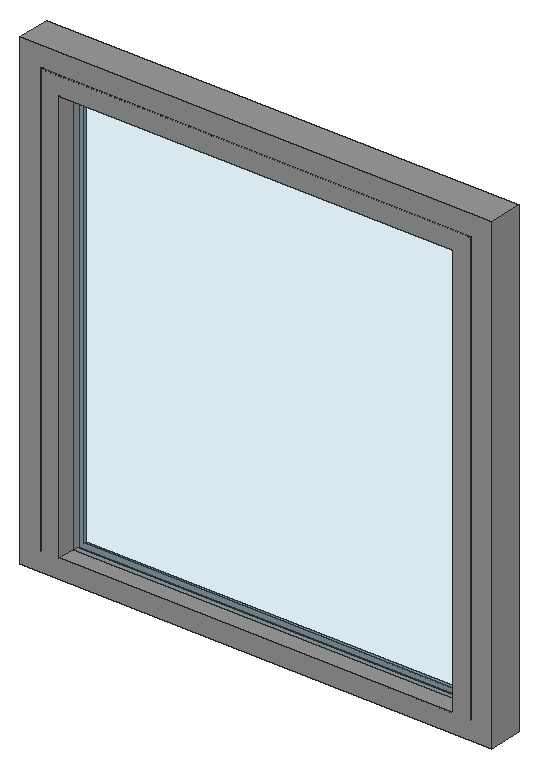
Revit family "Kawneer_Window_GT70s_Pos006", category Windows, host Wall, Revit 2020
Family settings
  Host = Wall
  OmniClass Number = 23.30.20.00
  OmniClass Title = Windows
  Always vertical = Yes
  Cut with Voids When Loaded = No
  Shared = No
  Room Calculation Point = No
Parameters (values of type "1000mm(w)x1000mm(h)")
  _ObjectUserGuide = "www.bimstore.co.uk"
  _DistributedBy = "www.bimstore.co.uk"
  _CurrentRevision = 1
  _CreatedBy = "https://www.bimstore.co/"
  _BimSpecGuid = 0
  _BSBibleVersion = 16
  _AuthorizedBy = "bimstore"
  _Author = "BS"
  WarrantyStartDate [instance] = "Please record on commissioning."
  WarrantyGuarantorParts = "kuk.kawneer@arconic.com"
  WarrantyGuarantorLabor = "kuk.kawneer@arconic.com"
  WarrantyDurationUnit = "Years"
  WarrantyDurationParts = "n/a"
  WarrantyDurationLabor = "n/a"
  WarrantyDescription = "Kawneer Lifetime Guarantee"
  WallThickness [instance] = 300 mm
  URL = "https://www.kawneer.com"
  TypeName = Model  # "GT70s - Pos 006"
  Type Comments = "1000mm(w)x1000mm(h)"
  TopPanel = 600 mm
  SpareParts = "n/a"
  Size = Type Comments  # "1000mm(w)x1000mm(h)"
  Shape = "Rectangle"
  SerialNumber [instance] = "Please record on commissioning."
  Rough Width = Width  # 1000 mm
  Rough Height = Height  # 1000 mm
  ReplacementCost = "n/a"
  ReferencedStandard = "n/a"
  ProductionYear = "2022"
  OffsetOutward [instance] = if(ExternalRevealDepth > 0 mm, 0 mm, 0 mm - ExternalRevealDepth)  # 0 mm
  OffsetInward [instance] = if(OffsetOutward = 0 mm, ExternalRevealDepth, 0 mm)  # 30 mm
  NominalLength = Width  # 1000 mm
  NominalHeight = Height  # 1000 mm
  NominalDepth = FrameDepth  # 72 mm
  NBSReference = "45-25-99/310"
  NBSOfficeMasterTag = "n/a"
  NBSObjectName = "Kawneer - Aluminium window units"
  NBSNote = "n/a"
  NBSDescription = "Aluminium window units"
  ModelReference = Type Comments  # "1000mm(w)x1000mm(h)"
  ModelNumber = Model  # "GT70s - Pos 006"
  Model = "GT70s - Pos 006"
  Material = "Aluminium"
  ManufacturerName = "Kawneer UK Limited"
  Manufacturer = "Kawneer UK Limited"
  Keynote = "L10/330"
  JambTolerance = 0 mm
  IronmongeryMaterial [instance] = Aluminum
  InternalRevealThickness = 5 mm
  InternalRevealDepth [instance] = WallThickness - ExternalRevealDepth - FrameDepth  # 198 mm
  InstallationDate [instance] = "Please record on commissioning."
  IfcExportType = "IfcWindowTypeEnum.WINDOW"
  IfcExportAs = "IfcWindow"
  Height = 1000 mm
  HeadTolerance = 0 mm
  HasCill [instance] = no
  Grade = "n/a"
  GlazingThickness = 28 mm  # constant formula
  GlazingMaterial [instance] = Kawneer Glass
  GlassThickness = 6 mm  # constant formula
  GlassOffset_EXT = 7 mm  # constant formula
  FrameWidth = 83 mm  # constant formula
  FrameMaterial [instance] = Aluminum
  Finish = "PPC"
  Features = "n/a"
  ExternalRevealDepth [instance] = 30 mm
  ExpectedLife = 0
  DurationUnit = "Years"
  DocumentationTechnical = "n/a"
  DocumentationMaintenance = "n/a"
  DocumentationLiterature = "https://www.kawneer.com"
  DocumentationInstallationGuide = "n/a"
  DocumentationCertificates = "n/a"
  Description = "Window"
  FrameDepth = 72 mm  # constant formula
  Default Cill Height = 800 mm
  Wall Closure = By host
  Width = 1000 mm
  CreatedOn = "12-09.2022 T09:00:00"
  CreatedBy = "kuk.kawneer@arconic.com"
  Constituents = "n/a"
  Color = "n/a"
  CodePerformance = "n/a"
  ClassificationValue = "Pr_30_59_98_02"
  ClassificationName = "Uniclass2015"
  CillHeight [instance] = if(HasCill, 30 mm, 0 mm)  # 0 mm
  BottomPanel = 600 mm
  BarCode [instance] = "Please record on commissioning."
  BIMObjectName = "Kawneer_Window_GT70s_Pos006"
  AssetType = "Fixed"
  AssetIdentifier [instance] = "n/a"
  Assembly Code = "B2020100"
  AccessibilityPerformance = "n/a"
Reference planes
  plane 1 "Center (Front/Back)": y = 0
  plane 2 "Center (Left/Right)": x = 0
  plane 3 "Left": x = -500
  plane 4 "Right": x = 500
  plane 5 "Sill": z = 800
  plane 6 "Head": z = 1800
  plane 7 "Exterior": y = 150
  plane 8 "Interior": y = -150
  plane 9 "Front": y = 120
  plane 10 "Frame Rear": y = 48
  plane 11 "Base": z = 800
  plane 12 "Offset Inward": y = 120
  plane 13: x = -495
  plane 14: x = 495
  plane 15 "7": z = 1795
  plane 16 "Int Wrap": y = 48
  plane 17 "CL": z = 1300
  plane 18 "JAMB TOL A": x = -500
  plane 19 "JAMB TOL B": x = 500
  plane 20 "HEAD TOL": z = 1800
  plane 21 "HEAD TOL E": z = 1717
  plane 22 "HEAD TOL F": z = 883
  plane 23 "Handle Int": y = 48
Forms (mm)
  Extrusion 1, void
    sketch origin (0, 0, 0) x (1, 0, 0) y (0, 1, 0)
      loop
        line (-495, 48) -> (-495, -150) -> (495, -150) -> (495, 48) -> (-495, 48)
    from 800 to 1795
  Extrusion 2, void
    sketch origin (0, 0, 0) x (1, 0, 0) y (0, 1, 0)
      loop
        line (-500, 150) -> (-500, 48) -> (500, 48) -> (500, 150) -> (-500, 150)
    from 800 to 1800
Lines and regions (mm)
  Masking region 1
    outline origin (-500, 0, 0) x (0, -1, 0) y (0, 0, 1)
      loop
        line (150, 1800) -> (-48, 1800) -> (-48, 1795) -> (150, 1795) -> (150, 1800)
Text (mm)
  text "EXTERIOR" at (-1963.203, 1332.353, 0), in view "Ref. Level"
  text "INTERIOR" at (-1981.466, -818.386, 0), in view "Ref. Level"
  text "Exterior" at (0, 923.751, 2943.296), in view "Right"
  text "Exterior" at (0, 1040.484, 2685.409), in view "Left"
Dimensions and locks
  equal spacing: plane 3 "Left", plane 2 "Center (Left/Right)", plane 4 "Right"
  "Width": plane 3 "Left" to plane 4 "Right"
  "Height": plane 5 "Sill" to plane 6 "Head"
  "Default Cill Height": plane 5 "Sill" to level
  locked: plane 7 "Exterior" to host wall
  locked: plane 8 "Interior" to host wall
  "FrameDepth": plane 9 "Front" to plane 10 "Frame Rear"
  "OffsetInward": plane 12 "Offset Inward" to plane 7 "Exterior"
  "OffsetOutward": plane 9 "Front" to plane 12 "Offset Inward"
  "InternalRevealThickness": plane 3 "Left" to plane 13
  "InternalRevealThickness": plane 14 to plane 4 "Right"
  "InternalRevealThickness": plane 6 "Head" to plane 15 "7"
  "InternalRevealDepth": plane 8 "Interior" to plane 16 "Int Wrap"
  "WallThickness": host wall to host wall
  equal spacing: plane 5 "Sill", plane 17 "CL", plane 6 "Head"
  "JambTolerance": plane 19 "JAMB TOL B" to plane 4 "Right"
  "JambTolerance": plane 3 "Left" to plane 18 "JAMB TOL A"
  "HeadTolerance": plane 20 "HEAD TOL" to plane 6 "Head"
  "FrameWidth": plane 21 "HEAD TOL E" to plane 20 "HEAD TOL"
  "FrameWidth": plane 11 "Base" to plane 22 "HEAD TOL F"
  "CillHeight": plane 5 "Sill" to plane 11 "Base"
  locked: plane 9 "Front" to plane 23 "Handle Int" at 72
  aligned and locked: Extrusion 1 sketch curve to plane 16 "Int Wrap"
  aligned and locked: Extrusion 1 sketch curve to plane 13
  aligned and locked: Extrusion 1 sketch curve to plane 14
  aligned and locked: Extrusion 1 sketch curve to plane 8 "Interior"
  aligned and locked: Extrusion 1 to plane 15 "7"
  aligned and locked: plane 5 "Sill" to Extrusion 1
  aligned and locked: Extrusion 2 sketch curve to plane 3 "Left"
  aligned and locked: plane 4 "Right" to Extrusion 2 sketch curve
  aligned and locked: plane 16 "Int Wrap" to Extrusion 2 sketch curve
  aligned and locked: Extrusion 2 to plane 6 "Head"
  aligned and locked: plane 5 "Sill" to Extrusion 2
  aligned and locked: plane 7 "Exterior" to Extrusion 2 sketch curve
  aligned and locked: plane 16 "Int Wrap" to Masking region 1 sketch curve
  aligned and locked: plane 15 "7" to Masking region 1 sketch curve
  aligned and locked: Masking region 1 sketch curve to plane 6 "Head"
  aligned and locked: host wall to Masking region 1 sketch curve
  aligned and locked: nested 1 to plane 20 "HEAD TOL"
  aligned and locked: nested 1 to plane 11 "Base"
  aligned and locked: nested 1 to plane 19 "JAMB TOL B"
  aligned and locked: plane 18 "JAMB TOL A" to nested 1
  aligned and locked: plane 9 "Front" to nested 1
Nested families
  nested 1: "Kawneer_GT70s_Pos006" at (500, 120, 1300) x (-1, 0, 0) z (0, 0, 1), FrameMaterial <- "FrameMaterial", GlassMaterial <- "GlazingMaterial", type "Kawneer_GT70s_Pos006"
    with Width 1000 mm, Height 1000 mm, GlassMaterial Kawneer Glass, FrameMaterial Aluminum
Definition of nested family "Kawneer_GT70s_Pos006"
  Parameters (values of type "Kawneer_GT70s_Pos006")
    Width [instance] = 1000 mm
    TopPanel = 600 mm
    Offset = 0 mm
    Height [instance] = 1000 mm
    GlassMaterial [instance] = none
    GPane = 6 mm
    FrameMaterial [instance] = none
    Default Elevation = 0 mm
    BottomPanel = 600 mm
  Reference planes
    plane 1 "Center (Front/Back)": y = 0
    plane 2: z = 0
    plane 3 "Center (Left/Right)": x = 0
    plane 4 "Frame Front": y = 0
    plane 5 "Frame": y = 72
    plane 6: x = 1000
    plane 7: z = 500
    plane 8: z = -500
    plane 9 "Glass Front": y = 7
    plane 10: y = 13
    plane 11: y = 29
    plane 12: y = 35
    plane 13 "CL": x = 500
    plane 14: x = 73
    plane 15: x = 927
    plane 16: z = 427
    plane 17: z = -471
  Forms (mm)
    Extrusion 1, solid, material <- "GlassMaterial"
      sketch origin (0, 0, 0) x (1, 0, 0) y (0, 1, 0)
        loop
          line (73, 35) -> (73, 29) -> (927, 29) -> (927, 35) -> (73, 35)
        loop
          line (73, 13) -> (73, 7) -> (927, 7) -> (927, 13) -> (73, 13)
      from -471 to 427
    Sweep 2, solid, material <- "FrameMaterial"
      path origin (0, 0, 0) x (-1, 0, 0) y (0, 0, 1)
        loop
          line (0, -500) -> (0, 500) -> (-1000, 500) -> (-1000, -500)
      profile "Kawneer_GT70s_Jamb6_Profile : Kawneer_GT70s_Jamb6_Profile" origin (1000, 0, 0) x (-1, 0, 0) y (0, 1, 0)
        loop
          line (0, 72) -> (0, 0) -> (43.5, 0)
          arc (43.5, 0) -> (43.854, 0.146) -> (44, 0.5) r 0.5
          arc (44, 0.5) -> (44.146, 0.146) -> (44.5, 0) r 0.5
          line (44.5, 0) -> (83, 0) -> (83, 7) -> (73, 7) -> (73, 35) -> (83, 35) -> (83, 72) -> (44.5, 72)
          arc (44.5, 72) -> (44.146, 71.854) -> (44, 71.5) r 0.5
          arc (44, 71.5) -> (43.854, 71.854) -> (43.5, 72) r 0.5
          line (43.5, 72) -> (0, 72)
    Sweep 3, solid, material <- "FrameMaterial"
      path origin (0, 0, 0) x (-1, 0, 0) y (0, 0, 1)
        loop
          line (0, -500) -> (-1000, -500)
      profile "Kawneer_GT70s_Cill6_Profile : Kawneer_GT70s_Cill6_Profile" origin (500, 0, -500) x (0, 0, -1) y (0, 1, 0)
        loop
          line (0, 72) -> (-39, 72) -> (-39, 35) -> (-29, 35) -> (-29, 7) -> (-39, 7) -> (-39, 0) -> (0, 0) -> (0, 72)
  Cuts and joins
    joined: Sweep 2, Sweep 3
  Lines and regions (mm)
    symbolic lines, not visible
      curve 1: line (83, 7, -461) -> (500, 7, 417)
      curve 2: line (500, 7, 417) -> (917, 7, -461)
      curve 3: line (917, 7, 417) -> (83, 7, 0)
      curve 4: line (83, 7, 0) -> (917, 7, -461)
    symbolic lines
      curve 5: line (956, 0, -461) -> (956, 0, -500)
      curve 6: line (44, 0, -461) -> (44, 0, -500)
  Dimensions and locks
    equal spacing: plane 7, level, plane 8
    "Height": plane 7 to plane 8
    "Width": plane 6 to plane 3 "Center (Left/Right)"
    locked: plane 5 "Frame" to plane 4 "Frame Front" at 72
    "Offset": plane 4 "Frame Front" to plane 1 "Center (Front/Back)"
    equal spacing: plane 6, plane 13 "CL", plane 3 "Center (Left/Right)"
    locked: plane 9 "Glass Front" to plane 4 "Frame Front" at 7
    locked: plane 12 to plane 9 "Glass Front" at 28
    "GPane": plane 12 to plane 11
    "GPane": plane 10 to plane 9 "Glass Front"
    locked: plane 14 to plane 3 "Center (Left/Right)" at 73
    locked: plane 6 to plane 15 at 73
    locked: plane 7 to plane 16 at 73
    locked: plane 17 to plane 8 at 29
    aligned and locked: level to plane 2
    aligned and locked: Extrusion 1 sketch curve to plane 12
    aligned and locked: plane 11 to Extrusion 1 sketch curve
    aligned and locked: Extrusion 1 sketch curve to plane 10
    aligned and locked: plane 9 "Glass Front" to Extrusion 1 sketch curve
    aligned and locked: plane 14 to Extrusion 1 sketch curve  (x2)
    aligned and locked: Extrusion 1 sketch curve to plane 15  (x2)
    aligned and locked: plane 6 to Sweep 2 sketch curve
    aligned and locked: plane 7 to Sweep 2 sketch curve
    aligned and locked: plane 3 "Center (Left/Right)" to Sweep 2 sketch curve
    aligned and locked: plane 16 to Extrusion 1
    aligned and locked: Extrusion 1 to plane 17
    aligned and locked: plane 4 "Frame Front" to nested 1
    aligned and locked: plane 6 to nested 1
    aligned and locked: nested 2 to plane 4 "Frame Front"
    aligned and locked: plane 3 "Center (Left/Right)" to nested 2
    aligned and locked: nested 3 to plane 7
    aligned and locked: plane 4 "Frame Front" to nested 3
    aligned and locked: nested 4 to plane 8
    aligned and locked: nested 4 to plane 4 "Frame Front"
    aligned and locked: plane 8 to Sweep 3 sketch curve
    aligned and locked: Sweep 3 sketch curve to plane 3 "Center (Left/Right)"
    aligned and locked: plane 6 to Sweep 3 sketch curve
  Automatic sketch dimensions
    Sweep 2 sketch curve to plane 8 = 0 mm  (x2)
    curve 5 to plane 8 = 0 mm
    curve 6 to plane 8 = 0 mm
    plane 15 to curve 5 = 29 mm
    curve 6 to plane 14 = 29 mm
    plane 17 to curve 6 = 10 mm
    plane 17 to curve 5 = 10 mm
    curve 2 to plane 13 "CL" = 0 mm
    curve 4 to level = 0 mm
    curve 4 to plane 15 = 10 mm
    plane 14 to curve 4 = 10 mm
    plane 17 to curve 2 = 10 mm
    curve 2 to plane 16 = 10 mm
    curve 3 to plane 15 = 10 mm
    plane 14 to curve 1 = 10 mm
    plane 17 to curve 1 = 10 mm
    curve 3 to plane 16 = 10 mm
  Nested families
    nested 1: "Kawneer_GT70s_Jamb6" at (1000, 72, 0), type "Jamb Open"
      with Open yes
    nested 2: "Kawneer_GT70s_Jamb6" at (0, 72, 0) x (-1, 0, 0) z (0, 0, 1), type "Jamb Open"
      with Open yes
    nested 3: "Kawneer_GT70s_Jamb6" at (0, 72, 500) x (0, 0, 1) z (1, 0, 0), type "Jamb Open"
      with Open yes
    nested 4: "Kawneer_GT70s_Cill6" at (0, 72, -500) x (0, 0, -1) z (1, 0, 0), type "Jamb Open"
      with Open yes
  Definition of nested family "Kawneer_GT70s_Jamb6"
    Parameters (values of type "Jamb Open")
      Open [instance] = yes
    Reference planes
      plane 1 "Center (Front/Back)": y = 0
      plane 2: z = 0
      plane 3 "Center (Left/Right)": x = 0
      plane 4: x = -83
      plane 5: y = -37
      plane 6: y = -72
      plane 7: y = -65
      plane 8: x = -73
    Lines and regions (mm)
      model lines, in view "Ref. Level", detail levels fine
        curve 1: arc (-28.15, -33.999, 0) -> (-27.25, -34.899, 0) -> (-28.15, -35.8, 0) r 0.9
        curve 2: arc (-25.85, -37.999, 0) -> (-26.75, -37.099, 0) -> (-25.85, -36.2, 0) r 0.9
        curve 3: spline (-80.891, -35.351, 0) -> (-81.086, -35.603, 0) -> (-81.298, -35.838, 0) -> (-81.527, -36.055, 0) -> (-81.77, -36.253, 0) -> (-82.026, -36.43, 0) -> (-82.295, -36.586, 0) -> (-82.574, -36.719, 0) -> (-82.861, -36.83, 0) -> (-83.156, -36.916, 0) -> (-83.456, -36.978, 0) -> (-83.759, -37.016, 0) -> (-84.064, -37.028, 0)
        curve 4: spline (-80.891, -35.351, 0) -> (-80.752, -35.2, 0) -> (-80.596, -35.069, 0) -> (-80.426, -34.96, 0) -> (-80.245, -34.876, 0) -> (-80.055, -34.816, 0) -> (-79.859, -34.784, 0) -> (-79.661, -34.778, 0) -> (-79.464, -34.799, 0) -> (-79.272, -34.847, 0) -> (-79.086, -34.921, 0) -> (-78.911, -35.02, 0) -> (-78.749, -35.142, 0)
        curve 5: spline (-73.697, -37.028, 0) -> (-74.151, -37.017, 0) -> (-74.604, -36.978, 0) -> (-75.054, -36.912, 0) -> (-75.501, -36.819, 0) -> (-75.941, -36.698, 0) -> (-76.374, -36.551, 0) -> (-76.799, -36.378, 0) -> (-77.214, -36.179, 0) -> (-77.618, -35.955, 0) -> (-78.009, -35.707, 0) -> (-78.387, -35.436, 0) -> (-78.749, -35.142, 0)
        curve 6: spline (-73.509, -35.776, 0) -> (-73.382, -35.84, 0) -> (-73.273, -35.934, 0) -> (-73.186, -36.053, 0) -> (-73.128, -36.189, 0) -> (-73.102, -36.337, 0) -> (-73.108, -36.487, 0) -> (-73.146, -36.632, 0) -> (-73.214, -36.763, 0) -> (-73.31, -36.873, 0) -> (-73.426, -36.957, 0) -> (-73.557, -37.01, 0) -> (-73.697, -37.028, 0)
        curve 7: spline (-73.509, -35.776, 0) -> (-73.816, -35.653, 0) -> (-74.115, -35.509, 0) -> (-74.404, -35.344, 0) -> (-74.683, -35.159, 0) -> (-74.95, -34.956, 0) -> (-75.204, -34.733, 0) -> (-75.444, -34.494, 0) -> (-75.668, -34.238, 0) -> (-75.877, -33.967, 0) -> (-76.068, -33.682, 0) -> (-76.242, -33.384, 0) -> (-76.397, -33.074, 0)
        curve 8: spline (-76.397, -33.074, 0) -> (-76.462, -32.932, 0) -> (-76.527, -32.789, 0) -> (-76.59, -32.645, 0) -> (-76.653, -32.501, 0) -> (-76.716, -32.357, 0) -> (-76.777, -32.213, 0) -> (-76.838, -32.068, 0) -> (-76.897, -31.922, 0) -> (-76.956, -31.776, 0) -> (-77.015, -31.63, 0) -> (-77.072, -31.484, 0) -> (-77.129, -31.337, 0)
        curve 9: spline (-77.736, -30.94, 0) -> (-77.673, -30.938, 0) -> (-77.609, -30.943, 0) -> (-77.547, -30.955, 0) -> (-77.486, -30.974, 0) -> (-77.427, -30.999, 0) -> (-77.371, -31.032, 0) -> (-77.319, -31.07, 0) -> (-77.271, -31.114, 0) -> (-77.227, -31.163, 0) -> (-77.189, -31.217, 0) -> (-77.156, -31.276, 0) -> (-77.129, -31.337, 0)
        curve 10: spline (-78.46, -31.008, 0) -> (-78.479, -31.009, 0) -> (-78.499, -31.009, 0) -> (-78.518, -31.007, 0) -> (-78.538, -31.004, 0) -> (-78.557, -31, 0) -> (-78.576, -30.994, 0) -> (-78.594, -30.987, 0) -> (-78.613, -30.979, 0) -> (-78.63, -30.969, 0) -> (-78.647, -30.959, 0) -> (-78.663, -30.947, 0) -> (-78.679, -30.934, 0)
        curve 11: spline (-79.611, -30.412, 0) -> (-79.589, -30.378, 0) -> (-79.563, -30.348, 0) -> (-79.533, -30.323, 0) -> (-79.5, -30.303, 0) -> (-79.464, -30.289, 0) -> (-79.427, -30.28, 0) -> (-79.389, -30.278, 0) -> (-79.351, -30.282, 0) -> (-79.314, -30.292, 0) -> (-79.279, -30.308, 0) -> (-79.246, -30.33, 0) -> (-79.217, -30.356, 0)
        curve 12: spline (-79.856, -30.867, 0) -> (-79.87, -30.891, 0) -> (-79.886, -30.913, 0) -> (-79.904, -30.934, 0) -> (-79.923, -30.953, 0) -> (-79.944, -30.97, 0) -> (-79.966, -30.985, 0) -> (-79.989, -30.998, 0) -> (-80.013, -31.009, 0) -> (-80.038, -31.017, 0) -> (-80.064, -31.023, 0) -> (-80.09, -31.027, 0) -> (-80.116, -31.028, 0)
        curve 13: spline (-82.894, -31.028, 0) -> (-82.936, -31.025, 0) -> (-82.976, -31.016, 0) -> (-83.015, -31.001, 0) -> (-83.052, -30.98, 0) -> (-83.085, -30.954, 0) -> (-83.115, -30.924, 0) -> (-83.141, -30.889, 0) -> (-83.162, -30.851, 0) -> (-83.178, -30.81, 0) -> (-83.189, -30.767, 0) -> (-83.194, -30.723, 0) -> (-83.193, -30.679, 0)
        curve 14: spline (-83.493, -27.975, 0) -> (-83.442, -27.935, 0) -> (-83.385, -27.908, 0) -> (-83.323, -27.894, 0) -> (-83.26, -27.895, 0) -> (-83.199, -27.909, 0) -> (-83.142, -27.937, 0) -> (-83.091, -27.977, 0) -> (-83.049, -28.027, 0) -> (-83.018, -28.085, 0) -> (-82.999, -28.149, 0) -> (-82.993, -28.216, 0) -> (-83, -28.283, 0)
        curve 15: spline (-84.487, -29.447, 0) -> (-84.428, -29.308, 0) -> (-84.364, -29.171, 0) -> (-84.296, -29.037, 0) -> (-84.223, -28.906, 0) -> (-84.146, -28.778, 0) -> (-84.065, -28.653, 0) -> (-83.979, -28.531, 0) -> (-83.89, -28.412, 0) -> (-83.796, -28.297, 0) -> (-83.699, -28.186, 0) -> (-83.598, -28.078, 0) -> (-83.493, -27.975, 0)
        curve 16: spline (-85.118, -32.084, 0) -> (-85.09, -31.859, 0) -> (-85.057, -31.634, 0) -> (-85.019, -31.41, 0) -> (-84.978, -31.187, 0) -> (-84.931, -30.965, 0) -> (-84.881, -30.744, 0) -> (-84.826, -30.524, 0) -> (-84.767, -30.306, 0) -> (-84.703, -30.089, 0) -> (-84.635, -29.873, 0) -> (-84.563, -29.659, 0) -> (-84.487, -29.447, 0)
        curve 17: spline (-85.118, -32.084, 0) -> (-85.15, -32.334, 0) -> (-85.187, -32.583, 0) -> (-85.23, -32.831, 0) -> (-85.278, -33.078, 0) -> (-85.331, -33.323, 0) -> (-85.39, -33.568, 0) -> (-85.454, -33.81, 0) -> (-85.524, -34.051, 0) -> (-85.599, -34.29, 0) -> (-85.679, -34.527, 0) -> (-85.764, -34.762, 0) -> (-85.855, -34.995, 0)
        curve 18: spline (-85.415, -35.586, 0) -> (-85.486, -35.593, 0) -> (-85.558, -35.586, 0) -> (-85.627, -35.566, 0) -> (-85.692, -35.532, 0) -> (-85.75, -35.487, 0) -> (-85.8, -35.431, 0) -> (-85.839, -35.367, 0) -> (-85.868, -35.296, 0) -> (-85.884, -35.221, 0) -> (-85.887, -35.144, 0) -> (-85.877, -35.068, 0) -> (-85.855, -34.995, 0)
        curve 19: spline (-83.268, -33.411, 0) -> (-83.353, -33.668, 0) -> (-83.458, -33.917, 0) -> (-83.583, -34.156, 0) -> (-83.726, -34.382, 0) -> (-83.887, -34.594, 0) -> (-84.064, -34.791, 0) -> (-84.255, -34.971, 0) -> (-84.461, -35.133, 0) -> (-84.678, -35.276, 0) -> (-84.906, -35.399, 0) -> (-85.143, -35.5, 0) -> (-85.387, -35.579, 0)
        curve 20: spline (-83.268, -33.411, 0) -> (-83.192, -33.241, 0) -> (-83.074, -33.101, 0) -> (-82.923, -33.005, 0) -> (-82.752, -32.96, 0) -> (-82.576, -32.969, 0) -> (-82.411, -33.033, 0) -> (-82.27, -33.145, 0) -> (-82.165, -33.297, 0) -> (-82.106, -33.474, 0) -> (-82.097, -33.662, 0) -> (-82.14, -33.845, 0) -> (-82.23, -34.007, 0)
        curve 21: spline (-82.23, -34.007, 0) -> (-82.307, -34.114, 0) -> (-82.39, -34.217, 0) -> (-82.477, -34.315, 0) -> (-82.568, -34.409, 0) -> (-82.664, -34.498, 0) -> (-82.763, -34.581, 0) -> (-82.866, -34.66, 0) -> (-82.973, -34.733, 0) -> (-83.083, -34.8, 0) -> (-83.196, -34.861, 0) -> (-83.311, -34.917, 0) -> (-83.429, -34.966, 0)
        curve 22: spline (-83.429, -34.966, 0) -> (-83.679, -35.072, 0) -> (-83.932, -35.17, 0) -> (-84.187, -35.261, 0) -> (-84.444, -35.345, 0) -> (-84.703, -35.421, 0) -> (-84.964, -35.49, 0) -> (-85.226, -35.552, 0) -> (-85.49, -35.605, 0) -> (-85.755, -35.651, 0) -> (-86.022, -35.69, 0) -> (-86.289, -35.721, 0) -> (-86.557, -35.744, 0)
        curve 23: spline (-86.517, -37.028, 0) -> (-86.669, -37.007, 0) -> (-86.811, -36.945, 0) -> (-86.934, -36.847, 0) -> (-87.029, -36.719, 0) -> (-87.092, -36.569, 0) -> (-87.116, -36.407, 0) -> (-87.102, -36.243, 0) -> (-87.049, -36.089, 0) -> (-86.962, -35.954, 0) -> (-86.845, -35.847, 0) -> (-86.707, -35.776, 0) -> (-86.557, -35.744, 0)
        curve 24: arc (-1.5, -69.7, 0) -> (-1.646, -70.054, 0) -> (-2, -70.2, 0) r 0.5
        curve 25: arc (-1.5, -67.8, 0) -> (-0.419, -68.512, 0) -> (0, -69.736, 0) r 2
        curve 26: arc (0, -71.5, 0) -> (-0.146, -71.854, 0) -> (-0.5, -72, 0) r 0.5
        curve 27: arc (-43.5, -72, 0) -> (-43.854, -71.854, 0) -> (-44, -71.5, 0) r 0.5
        curve 28: arc (-44, -69.736, 0) -> (-43.581, -68.512, 0) -> (-42.5, -67.8, 0) r 2
        curve 29: arc (-42, -70.2, 0) -> (-42.354, -70.054, 0) -> (-42.5, -69.7, 0) r 0.5
        curve 30: arc (-39, -69.7, 0) -> (-39.146, -70.054, 0) -> (-39.5, -70.2, 0) r 0.5
        curve 31: arc (-39.5, -55.7, 0) -> (-39.146, -55.846, 0) -> (-39, -56.2, 0) r 0.5
        curve 32: arc (-42.5, -56.2, 0) -> (-42.354, -55.846, 0) -> (-42, -55.7, 0) r 0.5
        curve 33: arc (-42.5, -57.8, 0) -> (-43.439, -57.153, 0) -> (-43.8, -56.071, 0) r 1.8
        curve 34: arc (-43.8, -53.4, 0) -> (-43.507, -52.693, 0) -> (-42.8, -52.4, 0) r 1
        curve 35: arc (-42.7, -52.4, 0) -> (-42.559, -52.459, 0) -> (-42.5, -52.6, 0) r 0.2
        curve 36: arc (-42.3, -54.2, 0) -> (-42.441, -54.141, 0) -> (-42.5, -54, 0) r 0.2
        curve 37: arc (-39.326, -53.585, 0) -> (-39.557, -54.024, 0) -> (-40.021, -54.2, 0) r 0.7
        curve 38: arc (-38.929, -50.331, 0) -> (-38.765, -50.099, 0) -> (-38.481, -50.107, 0) r 0.3
        curve 39: arc (-36.805, -51.075, 0) -> (-36.728, -51.34, 0) -> (-36.99, -51.429, 0) r 0.2
        curve 40: arc (-37.93, -53.5, 0) -> (-38.078, -53.414, 0) -> (-38.076, -53.243, 0) r 0.17
        curve 41: arc (-33.6, -53.3, 0) -> (-33.659, -53.441, 0) -> (-33.8, -53.5, 0) r 0.2
        curve 42: arc (-34.385, -51.4, 0) -> (-34.585, -51.2, 0) -> (-34.385, -51, 0) r 0.2
        curve 43: arc (-34.039, -51, 0) -> (-32.539, -51.402, 0) -> (-31.441, -52.5, 0) r 3
        curve 44: arc (-30.286, -53.5, 0) -> (-30.786, -53.366, 0) -> (-31.152, -53, 0) r 1
        curve 45: arc (-12.848, -53, 0) -> (-13.214, -53.366, 0) -> (-13.714, -53.5, 0) r 1
        curve 46: arc (-12.559, -52.5, 0) -> (-11.461, -51.402, 0) -> (-9.961, -51, 0) r 3
        curve 47: arc (-9.615, -51, 0) -> (-9.415, -51.203, 0) -> (-9.621, -51.4, 0) r 0.2
        curve 48: arc (-10.2, -53.5, 0) -> (-10.341, -53.441, 0) -> (-10.4, -53.3, 0) r 0.2
        curve 49: arc (-5.924, -53.243, 0) -> (-5.922, -53.414, 0) -> (-6.07, -53.5, 0) r 0.17
        curve 50: arc (-7.005, -51.427, 0) -> (-7.271, -51.343, 0) -> (-7.195, -51.075, 0) r 0.2
        curve 51: arc (-5.519, -50.107, 0) -> (-5.235, -50.099, 0) -> (-5.071, -50.331, 0) r 0.3
        curve 52: arc (-3.979, -54.2, 0) -> (-4.443, -54.024, 0) -> (-4.674, -53.585, 0) r 0.7
        curve 53: arc (-1.5, -54, 0) -> (-1.559, -54.141, 0) -> (-1.7, -54.2, 0) r 0.2
        curve 54: arc (-1.5, -52.6, 0) -> (-1.441, -52.459, 0) -> (-1.3, -52.4, 0) r 0.2
        curve 55: arc (-1.2, -52.4, 0) -> (-0.493, -52.693, 0) -> (-0.2, -53.4, 0) r 1
        curve 56: arc (-0.2, -56.071, 0) -> (-0.561, -57.153, 0) -> (-1.5, -57.8, 0) r 1.8
        curve 57: arc (-2, -55.7, 0) -> (-1.646, -55.846, 0) -> (-1.5, -56.2, 0) r 0.5
        curve 58: arc (-5, -56.2, 0) -> (-4.854, -55.846, 0) -> (-4.5, -55.7, 0) r 0.5
        curve 59: arc (-4.5, -70.2, 0) -> (-4.854, -70.054, 0) -> (-5, -69.7, 0) r 0.5
        curve 60: arc (-5, -2.3, 0) -> (-4.854, -1.946, 0) -> (-4.5, -1.8, 0) r 0.5
        curve 61: arc (-4.5, -16.3, 0) -> (-4.854, -16.154, 0) -> (-5, -15.8, 0) r 0.5
        curve 62: arc (-1.5, -15.8, 0) -> (-1.646, -16.154, 0) -> (-2, -16.3, 0) r 0.5
        curve 63: arc (-1.5, -14.2, 0) -> (-0.561, -14.847, 0) -> (-0.2, -15.929, 0) r 1.8
        curve 64: arc (-0.2, -18.6, 0) -> (-0.493, -19.307, 0) -> (-1.2, -19.6, 0) r 1
        curve 65: arc (-1.3, -19.6, 0) -> (-1.441, -19.541, 0) -> (-1.5, -19.4, 0) r 0.2
        curve 66: arc (-1.7, -17.8, 0) -> (-1.559, -17.859, 0) -> (-1.5, -18, 0) r 0.2
        curve 67: arc (-4.674, -18.415, 0) -> (-4.443, -17.976, 0) -> (-3.979, -17.8, 0) r 0.7
        curve 68: arc (-5.071, -21.669, 0) -> (-5.235, -21.901, 0) -> (-5.519, -21.893, 0) r 0.3
        curve 69: arc (-7.195, -20.925, 0) -> (-7.272, -20.66, 0) -> (-7.01, -20.571, 0) r 0.2
        curve 70: arc (-6.07, -18.5, 0) -> (-5.922, -18.586, 0) -> (-5.924, -18.757, 0) r 0.17
        curve 71: arc (-10.4, -18.7, 0) -> (-10.341, -18.559, 0) -> (-10.2, -18.5, 0) r 0.2
        curve 72: arc (-9.615, -20.6, 0) -> (-9.415, -20.8, 0) -> (-9.615, -21, 0) r 0.2
        curve 73: arc (-9.961, -21, 0) -> (-11.461, -20.598, 0) -> (-12.559, -19.5, 0) r 3
        curve 74: arc (-13.714, -18.5, 0) -> (-13.214, -18.634, 0) -> (-12.848, -19, 0) r 1
        curve 75: arc (-31.152, -19, 0) -> (-30.786, -18.634, 0) -> (-30.286, -18.5, 0) r 1
        curve 76: arc (-31.441, -19.5, 0) -> (-32.539, -20.598, 0) -> (-34.039, -21, 0) r 3
        curve 77: arc (-34.385, -21, 0) -> (-34.585, -20.797, 0) -> (-34.38, -20.6, 0) r 0.2
        curve 78: arc (-33.8, -18.5, 0) -> (-33.659, -18.559, 0) -> (-33.6, -18.7, 0) r 0.2
        curve 79: arc (-38.076, -18.757, 0) -> (-38.078, -18.586, 0) -> (-37.93, -18.5, 0) r 0.17
        curve 80: arc (-36.995, -20.573, 0) -> (-36.729, -20.657, 0) -> (-36.805, -20.925, 0) r 0.2
        curve 81: arc (-38.481, -21.893, 0) -> (-38.765, -21.901, 0) -> (-38.929, -21.669, 0) r 0.3
        curve 82: arc (-40.021, -17.8, 0) -> (-39.557, -17.976, 0) -> (-39.326, -18.415, 0) r 0.7
        curve 83: arc (-42.5, -18, 0) -> (-42.441, -17.859, 0) -> (-42.3, -17.8, 0) r 0.2
        curve 84: arc (-42.5, -19.4, 0) -> (-42.559, -19.541, 0) -> (-42.7, -19.6, 0) r 0.2
        curve 85: arc (-42.8, -19.6, 0) -> (-43.507, -19.307, 0) -> (-43.8, -18.6, 0) r 1
        curve 86: arc (-43.8, -15.929, 0) -> (-43.439, -14.847, 0) -> (-42.5, -14.2, 0) r 1.8
        curve 87: arc (-42, -16.3, 0) -> (-42.354, -16.154, 0) -> (-42.5, -15.8, 0) r 0.5
        curve 88: arc (-39, -15.8, 0) -> (-39.146, -16.154, 0) -> (-39.5, -16.3, 0) r 0.5
        curve 89: arc (-39.5, -1.8, 0) -> (-39.146, -1.946, 0) -> (-39, -2.3, 0) r 0.5
        curve 90: arc (-42.5, -2.3, 0) -> (-42.354, -1.946, 0) -> (-42, -1.8, 0) r 0.5
        curve 91: arc (-42.5, -4.2, 0) -> (-43.581, -3.488, 0) -> (-44, -2.264, 0) r 2
        curve 92: arc (-44, -0.5, 0) -> (-43.854, -0.146, 0) -> (-43.5, 0, 0) r 0.5
        curve 93: arc (-0.5, 0, 0) -> (-0.146, -0.146, 0) -> (0, -0.5, 0) r 0.5
        curve 94: arc (0, -2.264, 0) -> (-0.419, -3.488, 0) -> (-1.5, -4.2, 0) r 2
        curve 95: arc (-2, -1.8, 0) -> (-1.646, -1.946, 0) -> (-1.5, -2.3, 0) r 0.5
        curve 96: arc (-4.55, -44.8, 0) -> (-4.904, -44.654, 0) -> (-5.05, -44.3, 0) r 0.5
        curve 97: arc (-1.05, -44.8, 0) -> (-0.696, -44.946, 0) -> (-0.55, -45.3, 0) r 0.5
        curve 98: arc (-0.55, -46.9, 0) -> (-0.696, -47.254, 0) -> (-1.05, -47.4, 0) r 0.5
        curve 99: arc (-1.05, -47.4, 0) -> (-1.404, -47.254, 0) -> (-1.55, -46.9, 0) r 0.5
        curve 100: arc (-1.85, -46, 0) -> (-1.638, -46.088, 0) -> (-1.55, -46.3, 0) r 0.3
        curve 101: arc (-5.05, -46.5, 0) -> (-4.904, -46.146, 0) -> (-4.55, -46, 0) r 0.5
        curve 102: arc (-5.05, -48.859, 0) -> (-5.117, -49.109, 0) -> (-5.3, -49.292, 0) r 0.5
        curve 103: arc (-7.103, -51.129, 0) -> (-6.886, -50.42, 0) -> (-6.355, -49.901, 0) r 1.5
        curve 104: arc (-6.6, -53.3, 0) -> (-6.659, -53.441, 0) -> (-6.8, -53.5, 0) r 0.2
        curve 105: arc (-7.621, -53.5, 0) -> (-7.88, -53.35, 0) -> (-7.88, -53.05, 0) r 0.3
        curve 106: arc (-8.92, -53.05, 0) -> (-8.4, -52.15, 0) -> (-7.88, -53.05, 0) r 0.6
        curve 107: arc (-8.92, -53.05, 0) -> (-8.92, -53.35, 0) -> (-9.179, -53.5, 0) r 0.3
        curve 108: arc (-10.2, -53.5, 0) -> (-10.341, -53.441, 0) -> (-10.4, -53.3, 0) r 0.2
        curve 109: arc (-9.5, -51.117, 0) -> (-9.054, -49.488, 0) -> (-7.896, -48.258, 0) r 3.5
        curve 110: arc (-6.75, -46.156, 0) -> (-7.055, -47.353, 0) -> (-7.896, -48.258, 0) r 2.5
        curve 111: arc (-7.25, -37.7, 0) -> (-6.896, -37.846, 0) -> (-6.75, -38.2, 0) r 0.5
        curve 112: arc (-25.85, -37.7, 0) -> (-26.274, -37.524, 0) -> (-26.45, -37.1, 0) r 0.6
        curve 113: arc (-26.45, -37.1, 0) -> (-26.274, -36.676, 0) -> (-25.85, -36.5, 0) r 0.6
        curve 114: arc (-11.923, -36.4, 0) -> (-11.996, -36.473, 0) -> (-12.096, -36.5, 0) r 0.2
        curve 115: arc (-11.923, -36.4, 0) -> (-11.75, -36.3, 0) -> (-11.577, -36.4, 0) r 0.2
        curve 116: arc (-11.404, -36.5, 0) -> (-11.504, -36.473, 0) -> (-11.577, -36.4, 0) r 0.2
        curve 117: arc (-6.75, -36, 0) -> (-6.896, -36.354, 0) -> (-7.25, -36.5, 0) r 0.5
        curve 118: arc (-7.896, -23.742, 0) -> (-7.055, -24.647, 0) -> (-6.75, -25.844, 0) r 2.5
        curve 119: arc (-7.896, -23.742, 0) -> (-9.054, -22.512, 0) -> (-9.5, -20.883, 0) r 3.5
        curve 120: arc (-10.4, -18.7, 0) -> (-10.341, -18.559, 0) -> (-10.2, -18.5, 0) r 0.2
        curve 121: arc (-9.179, -18.5, 0) -> (-8.92, -18.65, 0) -> (-8.92, -18.95, 0) r 0.3
        curve 122: arc (-7.88, -18.95, 0) -> (-8.4, -19.85, 0) -> (-8.92, -18.95, 0) r 0.6
        curve 123: arc (-7.88, -18.95, 0) -> (-7.88, -18.65, 0) -> (-7.621, -18.5, 0) r 0.3
        curve 124: arc (-6.8, -18.5, 0) -> (-6.659, -18.559, 0) -> (-6.6, -18.7, 0) r 0.2
        curve 125: arc (-6.355, -22.099, 0) -> (-6.886, -21.58, 0) -> (-7.103, -20.871, 0) r 1.5
        curve 126: arc (-5.3, -22.708, 0) -> (-5.117, -22.891, 0) -> (-5.05, -23.141, 0) r 0.5
        curve 127: arc (-38.95, -23.141, 0) -> (-38.883, -22.891, 0) -> (-38.7, -22.708, 0) r 0.5
        curve 128: arc (-36.897, -20.871, 0) -> (-37.114, -21.58, 0) -> (-37.645, -22.099, 0) r 1.5
        curve 129: arc (-37.4, -18.7, 0) -> (-37.341, -18.559, 0) -> (-37.2, -18.5, 0) r 0.2
        curve 130: arc (-36.379, -18.5, 0) -> (-36.12, -18.65, 0) -> (-36.12, -18.95, 0) r 0.3
        curve 131: arc (-35.08, -18.95, 0) -> (-35.6, -19.85, 0) -> (-36.12, -18.95, 0) r 0.6
        curve 132: arc (-35.08, -18.95, 0) -> (-35.08, -18.65, 0) -> (-34.821, -18.5, 0) r 0.3
        curve 133: arc (-33.8, -18.5, 0) -> (-33.659, -18.559, 0) -> (-33.6, -18.7, 0) r 0.2
        curve 134: arc (-34.5, -20.883, 0) -> (-34.946, -22.512, 0) -> (-36.104, -23.742, 0) r 3.5
        curve 135: arc (-37.25, -25.844, 0) -> (-36.945, -24.647, 0) -> (-36.104, -23.742, 0) r 2.5
        curve 136: arc (-36.75, -34.3, 0) -> (-37.104, -34.154, 0) -> (-37.25, -33.8, 0) r 0.5
        curve 137: arc (-28.15, -34.3, 0) -> (-27.726, -34.476, 0) -> (-27.55, -34.9, 0) r 0.6
        curve 138: arc (-27.55, -34.9, 0) -> (-27.726, -35.324, 0) -> (-28.15, -35.5, 0) r 0.6
        curve 139: arc (-37.25, -36, 0) -> (-37.104, -35.646, 0) -> (-36.75, -35.5, 0) r 0.5
        curve 140: arc (-36.104, -48.258, 0) -> (-36.945, -47.353, 0) -> (-37.25, -46.156, 0) r 2.5
        curve 141: arc (-36.104, -48.258, 0) -> (-34.946, -49.488, 0) -> (-34.5, -51.117, 0) r 3.5
        curve 142: arc (-33.6, -53.3, 0) -> (-33.659, -53.441, 0) -> (-33.8, -53.5, 0) r 0.2
        curve 143: arc (-34.821, -53.5, 0) -> (-35.08, -53.35, 0) -> (-35.08, -53.05, 0) r 0.3
        curve 144: arc (-36.12, -53.05, 0) -> (-35.6, -52.15, 0) -> (-35.08, -53.05, 0) r 0.6
        curve 145: arc (-36.12, -53.05, 0) -> (-36.12, -53.35, 0) -> (-36.379, -53.5, 0) r 0.3
        curve 146: arc (-37.2, -53.5, 0) -> (-37.341, -53.441, 0) -> (-37.4, -53.3, 0) r 0.2
        curve 147: arc (-37.645, -49.901, 0) -> (-37.114, -50.42, 0) -> (-36.897, -51.129, 0) r 1.5
        curve 148: arc (-38.7, -49.292, 0) -> (-38.883, -49.109, 0) -> (-38.95, -48.859, 0) r 0.5
        curve 149: arc (-39.45, -46, 0) -> (-39.096, -46.146, 0) -> (-38.95, -46.5, 0) r 0.5
        curve 150: arc (-42.45, -46.3, 0) -> (-42.362, -46.088, 0) -> (-42.15, -46, 0) r 0.3
        curve 151: arc (-42.45, -46.9, 0) -> (-42.596, -47.254, 0) -> (-42.95, -47.4, 0) r 0.5
        curve 152: arc (-42.95, -47.4, 0) -> (-43.304, -47.254, 0) -> (-43.45, -46.9, 0) r 0.5
        curve 153: arc (-43.45, -45.3, 0) -> (-43.304, -44.946, 0) -> (-42.95, -44.8, 0) r 0.5
        curve 154: arc (-38.95, -44.3, 0) -> (-39.096, -44.654, 0) -> (-39.45, -44.8, 0) r 0.5
        curve 155: arc (-43.064, -66.975, 0) -> (-43.9, -66.932, 0) -> (-44.736, -66.975, 0) r 8
        curve 156: arc (-40.952, -67.197, 0) -> (-40.565, -67.072, 0) -> (-40.4, -66.7, 0) r 0.5
        curve 157: arc (-40.4, -66.5, 0) -> (-40.546, -66.146, 0) -> (-40.9, -66, 0) r 0.5
        curve 158: arc (-46.9, -66, 0) -> (-47.254, -66.146, 0) -> (-47.4, -66.5, 0) r 0.5
        curve 159: arc (-47.4, -66.7, 0) -> (-47.235, -67.072, 0) -> (-46.848, -67.197, 0) r 0.5
        curve 160: arc (-47.254, -61.546, 0) -> (-47.362, -61.709, 0) -> (-47.4, -61.9, 0) r 0.5
        curve 161: arc (-47.4, -64, 0) -> (-47.254, -64.354, 0) -> (-46.9, -64.5, 0) r 0.5
        curve 162: arc (-40.9, -64.5, 0) -> (-40.546, -64.354, 0) -> (-40.4, -64, 0) r 0.5
        curve 163: arc (-40.4, -61.9, 0) -> (-40.546, -61.546, 0) -> (-40.9, -61.4, 0) r 0.5
        curve 164: arc (-46.9, -61.4, 0) -> (-47.091, -61.438, 0) -> (-47.254, -61.546, 0) r 0.5
        curve 165: arc (-47.254, -59.754, 0) -> (-47.178, -59.816, 0) -> (-47.091, -59.862, 0) r 0.5
        curve 166: arc (-47.091, -59.862, 0) -> (-46.998, -59.89, 0) -> (-46.9, -59.9, 0) r 0.5
        curve 167: arc (-40.9, -59.9, 0) -> (-40.546, -59.754, 0) -> (-40.4, -59.4, 0) r 0.5
        curve 168: arc (-40.4, -59.2, 0) -> (-40.565, -58.828, 0) -> (-40.952, -58.703, 0) r 0.5
        curve 169: arc (-44.736, -58.925, 0) -> (-43.9, -58.968, 0) -> (-43.064, -58.925, 0) r 8
        curve 170: arc (-46.848, -58.703, 0) -> (-47.235, -58.828, 0) -> (-47.4, -59.2, 0) r 0.5
        curve 171: arc (-47.4, -59.4, 0) -> (-47.362, -59.591, 0) -> (-47.254, -59.754, 0) r 0.5
        curve 172: arc (-48.56, -67.728, 0) -> (-48.289, -67.951, 0) -> (-47.956, -68.067, 0) r 1
        curve 173: arc (-48.8, -67.079, 0) -> (-48.738, -67.425, 0) -> (-48.56, -67.728, 0) r 1
        curve 174: arc (-47.956, -57.833, 0) -> (-48.56, -58.172, 0) -> (-48.8, -58.821, 0) r 1
        curve 175: arc (-45.444, -57.638, 0) -> (-45.524, -57.507, 0) -> (-45.673, -57.472, 0) r 0.2
        curve 176: arc (-45.395, -57.947, 0) -> (-43.901, -58.09, 0) -> (-42.405, -57.951, 0) r 8
        curve 177: arc (-42.127, -57.472, 0) -> (-42.276, -57.507, 0) -> (-42.356, -57.638, 0) r 0.2
        curve 178: arc (-39, -58.821, 0) -> (-39.24, -58.172, 0) -> (-39.844, -57.833, 0) r 1
        curve 179: arc (-39.844, -68.067, 0) -> (-39.24, -67.728, 0) -> (-39, -67.079, 0) r 1
        curve 180: arc (-42.356, -68.262, 0) -> (-42.276, -68.393, 0) -> (-42.127, -68.428, 0) r 0.2
        curve 181: arc (-42.405, -67.949, 0) -> (-43.901, -67.81, 0) -> (-45.395, -67.953, 0) r 8
        curve 182: arc (-45.673, -68.428, 0) -> (-45.524, -68.393, 0) -> (-45.444, -68.262, 0) r 0.2
        curve 183: arc (-40.7, -5.5, 0) -> (-40.559, -5.559, 0) -> (-40.5, -5.7, 0) r 0.2
        curve 184: arc (-40.5, -8.75, 0) -> (-40.2, -9.05, 0) -> (-40.5, -9.35, 0) r 0.3
        curve 185: arc (-40.5, -12.4, 0) -> (-40.559, -12.541, 0) -> (-40.7, -12.6, 0) r 0.2
        curve 186: arc (-48.18, -13.45, 0) -> (-48.496, -12.976, 0) -> (-48.068, -12.6, 0) r 0.432
        curve 187: arc (-39, -12.9, 0) -> (-39.293, -13.607, 0) -> (-40, -13.9, 0) r 1
        curve 188: arc (-40, -4.2, 0) -> (-39.293, -4.493, 0) -> (-39, -5.2, 0) r 1
        curve 189: arc (-48.068, -5.5, 0) -> (-48.496, -5.124, 0) -> (-48.18, -4.65, 0) r 0.432
        curve 190: arc (-59.5, -1.4, 0) -> (-59.641, -1.459, 0) -> (-59.7, -1.6, 0) r 0.2
        curve 191: arc (-59.9, -1.8, 0) -> (-59.759, -1.741, 0) -> (-59.7, -1.6, 0) r 0.2
        curve 192: arc (-61, -1.8, 0) -> (-61.141, -1.859, 0) -> (-61.2, -2, 0) r 0.2
        curve 193: arc (-61.4, -3.213, 0) -> (-61.259, -3.154, 0) -> (-61.2, -3.013, 0) r 0.2
        curve 194: arc (-61.4, -3.213, 0) -> (-61.541, -3.271, 0) -> (-61.6, -3.413, 0) r 0.2
        curve 195: arc (-61.6, -15.2, 0) -> (-61.541, -15.341, 0) -> (-61.4, -15.4, 0) r 0.2
        curve 196: arc (-61.2, -15.6, 0) -> (-61.259, -15.459, 0) -> (-61.4, -15.4, 0) r 0.2
        curve 197: arc (-61.2, -16.5, 0) -> (-61.141, -16.641, 0) -> (-61, -16.7, 0) r 0.2
        curve 198: arc (-60.1, -16.8, 0) -> (-60.173, -16.727, 0) -> (-60.273, -16.7, 0) r 0.2
        curve 199: arc (-60.1, -16.8, 0) -> (-60.027, -16.873, 0) -> (-59.927, -16.9, 0) r 0.2
        curve 200: arc (-52.073, -16.9, 0) -> (-51.973, -16.873, 0) -> (-51.9, -16.8, 0) r 0.2
        curve 201: arc (-51.727, -16.7, 0) -> (-51.827, -16.727, 0) -> (-51.9, -16.8, 0) r 0.2
        curve 202: arc (-51, -16.7, 0) -> (-50.859, -16.641, 0) -> (-50.8, -16.5, 0) r 0.2
        curve 203: arc (-50.6, -15.4, 0) -> (-50.741, -15.459, 0) -> (-50.8, -15.6, 0) r 0.2
        curve 204: arc (-50.6, -15.4, 0) -> (-50.459, -15.341, 0) -> (-50.4, -15.2, 0) r 0.2
        curve 205: arc (-50.4, -3.413, 0) -> (-50.459, -3.271, 0) -> (-50.6, -3.213, 0) r 0.2
        curve 206: arc (-50.8, -3.013, 0) -> (-50.741, -3.154, 0) -> (-50.6, -3.213, 0) r 0.2
        curve 207: arc (-50.8, -2, 0) -> (-50.859, -1.859, 0) -> (-51, -1.8, 0) r 0.2
        curve 208: arc (-52.3, -1.6, 0) -> (-52.241, -1.741, 0) -> (-52.1, -1.8, 0) r 0.2
        curve 209: arc (-52.3, -1.6, 0) -> (-52.359, -1.459, 0) -> (-52.5, -1.4, 0) r 0.2
        curve 210: arc (-44, -0.5, 0) -> (-44.146, -0.146, 0) -> (-44.5, 0, 0) r 0.5
        curve 211: arc (-45.261, -4.2, 0) -> (-44.345, -3.464, 0) -> (-44, -2.342, 0) r 2
        curve 212: arc (-45.5, -4, 0) -> (-45.411, -4.167, 0) -> (-45.222, -4.184, 0) r 0.2
        curve 213: arc (-45.5, -2.3, 0) -> (-45.646, -1.946, 0) -> (-46, -1.8, 0) r 0.5
        curve 214: arc (-48.5, -1.8, 0) -> (-48.854, -1.946, 0) -> (-49, -2.3, 0) r 0.5
        curve 215: arc (-49, -15.8, 0) -> (-48.854, -16.154, 0) -> (-48.5, -16.3, 0) r 0.5
        curve 216: arc (-46, -16.3, 0) -> (-45.646, -16.154, 0) -> (-45.5, -15.8, 0) r 0.5
        curve 217: arc (-45.212, -14.22, 0) -> (-45.406, -14.23, 0) -> (-45.5, -14.4, 0) r 0.2
        curve 218: arc (-44.2, -15.839, 0) -> (-44.474, -14.884, 0) -> (-45.212, -14.22, 0) r 1.8
        curve 219: arc (-45.2, -19.6, 0) -> (-44.493, -19.307, 0) -> (-44.2, -18.6, 0) r 1
        curve 220: arc (-45.5, -19.4, 0) -> (-45.441, -19.541, 0) -> (-45.3, -19.6, 0) r 0.2
        curve 221: arc (-45.5, -18.2, 0) -> (-45.559, -18.059, 0) -> (-45.7, -18, 0) r 0.2
        curve 222: arc (-48.3, -18, 0) -> (-48.795, -18.205, 0) -> (-49, -18.7, 0) r 0.7
        curve 223: arc (-49.45, -21.627, 0) -> (-49.15, -21.627, 0) -> (-49, -21.367, 0) r 0.3
        curve 224: arc (-51.027, -20.258, 0) -> (-51.288, -20.366, 0) -> (-51.18, -20.628, 0) r 0.2
        curve 225: arc (-50.413, -18.777, 0) -> (-50.432, -18.589, 0) -> (-50.598, -18.5, 0) r 0.2
        curve 226: arc (-54.2, -18.5, 0) -> (-54.341, -18.559, 0) -> (-54.4, -18.7, 0) r 0.2
        curve 227: arc (-53.584, -21, 0) -> (-53.384, -20.785, 0) -> (-53.614, -20.602, 0) r 0.2
        curve 228: arc (-55.49, -20.581, 0) -> (-54.754, -20.893, 0) -> (-53.961, -21, 0) r 3
        curve 229: arc (-55.49, -20.581, 0) -> (-56, -20.441, 0) -> (-56.51, -20.581, 0) r 1
        curve 230: arc (-58.039, -21, 0) -> (-57.246, -20.893, 0) -> (-56.51, -20.581, 0) r 3
        curve 231: arc (-58.381, -20.603, 0) -> (-58.615, -20.782, 0) -> (-58.416, -21, 0) r 0.2
        curve 232: arc (-57.6, -18.7, 0) -> (-57.659, -18.559, 0) -> (-57.8, -18.5, 0) r 0.2
        curve 233: arc (-61.402, -18.5, 0) -> (-61.568, -18.589, 0) -> (-61.587, -18.777, 0) r 0.2
        curve 234: arc (-60.82, -20.628, 0) -> (-60.712, -20.366, 0) -> (-60.973, -20.258, 0) r 0.2
        curve 235: arc (-63, -21.367, 0) -> (-62.85, -21.627, 0) -> (-62.55, -21.627, 0) r 0.3
        curve 236: arc (-63, -18.7, 0) -> (-63.205, -18.205, 0) -> (-63.7, -18, 0) r 0.7
        curve 237: arc (-66.3, -18, 0) -> (-66.441, -18.059, 0) -> (-66.5, -18.2, 0) r 0.2
        curve 238: arc (-66.7, -19.6, 0) -> (-66.559, -19.541, 0) -> (-66.5, -19.4, 0) r 0.2
        curve 239: arc (-67.8, -18.6, 0) -> (-67.507, -19.307, 0) -> (-66.8, -19.6, 0) r 1
        curve 240: arc (-66.788, -14.22, 0) -> (-67.526, -14.884, 0) -> (-67.8, -15.839, 0) r 1.8
        curve 241: arc (-66.5, -14.4, 0) -> (-66.594, -14.23, 0) -> (-66.788, -14.22, 0) r 0.2
        curve 242: arc (-66.5, -15.8, 0) -> (-66.354, -16.154, 0) -> (-66, -16.3, 0) r 0.5
        curve 243: arc (-63.5, -16.3, 0) -> (-63.146, -16.154, 0) -> (-63, -15.8, 0) r 0.5
        curve 244: arc (-63, -2.3, 0) -> (-63.146, -1.946, 0) -> (-63.5, -1.8, 0) r 0.5
        curve 245: arc (-66, -1.8, 0) -> (-66.354, -1.946, 0) -> (-66.5, -2.3, 0) r 0.5
        curve 246: arc (-66.778, -4.184, 0) -> (-66.589, -4.167, 0) -> (-66.5, -4, 0) r 0.2
        curve 247: arc (-68, -2.342, 0) -> (-67.667, -3.447, 0) -> (-66.778, -4.184, 0) r 2
        curve 248: arc (-67.5, 0, 0) -> (-67.854, -0.146, 0) -> (-68, -0.5, 0) r 0.5
        curve 249: arc (-59.85, -34.9, 0) -> (-59.674, -35.324, 0) -> (-59.25, -35.5, 0) r 0.6
        curve 250: arc (-59.25, -34.3, 0) -> (-59.674, -34.476, 0) -> (-59.85, -34.9, 0) r 0.6
        curve 251: arc (-50.964, -34.3, 0) -> (-50.608, -34.151, 0) -> (-50.464, -33.794, 0) r 0.5
        curve 252: arc (-50.464, -33.794, 0) -> (-50.545, -30.287, 0) -> (-50.697, -26.783, 0) r 172.05
        curve 253: arc (-50.697, -26.783, 0) -> (-50.905, -25.843, 0) -> (-51.395, -25.015, 0) r 3.049
        curve 254: arc (-53.481, -21.437, 0) -> (-53.328, -22.473, 0) -> (-52.779, -23.365, 0) r 2.599
        curve 255: arc (-53.481, -20.971, 0) -> (-53.498, -20.844, 0) -> (-53.548, -20.726, 0) r 0.5
        curve 256: arc (-54.2, -18.5, 0) -> (-54.341, -18.559, 0) -> (-54.4, -18.7, 0) r 0.2
        curve 257: arc (-52.92, -18.95, 0) -> (-52.92, -18.65, 0) -> (-53.179, -18.5, 0) r 0.3
        curve 258: arc (-52.92, -18.95, 0) -> (-52.4, -19.85, 0) -> (-51.88, -18.95, 0) r 0.6
        curve 259: arc (-51.621, -18.5, 0) -> (-51.88, -18.65, 0) -> (-51.88, -18.95, 0) r 0.3
        curve 260: arc (-50.6, -18.7, 0) -> (-50.659, -18.559, 0) -> (-50.8, -18.5, 0) r 0.2
        curve 261: arc (-51.103, -20.871, 0) -> (-50.886, -21.58, 0) -> (-50.355, -22.099, 0) r 1.5
        curve 262: arc (-49.05, -23.43, 0) -> (-49.184, -22.93, 0) -> (-49.55, -22.564, 0) r 1
        curve 263: arc (-49.55, -49.436, 0) -> (-49.184, -49.07, 0) -> (-49.05, -48.57, 0) r 1
        curve 264: arc (-50.355, -49.901, 0) -> (-50.886, -50.42, 0) -> (-51.103, -51.129, 0) r 1.5
        curve 265: arc (-50.8, -53.5, 0) -> (-50.659, -53.441, 0) -> (-50.6, -53.3, 0) r 0.2
        curve 266: arc (-51.88, -53.05, 0) -> (-51.88, -53.35, 0) -> (-51.621, -53.5, 0) r 0.3
        curve 267: arc (-51.88, -53.05, 0) -> (-52.4, -52.15, 0) -> (-52.92, -53.05, 0) r 0.6
        curve 268: arc (-53.179, -53.5, 0) -> (-52.92, -53.35, 0) -> (-52.92, -53.05, 0) r 0.3
        curve 269: arc (-54.4, -53.3, 0) -> (-54.341, -53.441, 0) -> (-54.2, -53.5, 0) r 0.2
        curve 270: arc (-53.548, -51.274, 0) -> (-53.498, -51.153, 0) -> (-53.481, -51.024, 0) r 0.5
        curve 271: arc (-52.78, -48.636, 0) -> (-53.301, -49.539, 0) -> (-53.481, -50.566, 0) r 2.996
        curve 272: arc (-51.395, -46.986, 0) -> (-50.902, -46.158, 0) -> (-50.697, -45.216, 0) r 3.002
        curve 273: arc (-50.697, -45.216, 0) -> (-50.512, -40.61, 0) -> (-50.45, -36, 0) r 172.47
        curve 274: arc (-50.45, -36, 0) -> (-50.596, -35.646, 0) -> (-50.95, -35.5, 0) r 0.5
        curve 275: arc (-51.55, -37.1, 0) -> (-51.726, -36.676, 0) -> (-52.15, -36.5, 0) r 0.6
        curve 276: arc (-52.15, -37.7, 0) -> (-51.726, -37.524, 0) -> (-51.55, -37.1, 0) r 0.6
        curve 277: arc (-61.036, -37.7, 0) -> (-61.392, -37.849, 0) -> (-61.536, -38.206, 0) r 0.5
        curve 278: arc (-61.536, -38.206, 0) -> (-61.455, -41.713, 0) -> (-61.303, -45.217, 0) r 172.05
        curve 279: arc (-61.303, -45.217, 0) -> (-61.095, -46.157, 0) -> (-60.605, -46.985, 0) r 3.049
        curve 280: arc (-58.519, -50.563, 0) -> (-58.672, -49.527, 0) -> (-59.221, -48.635, 0) r 2.599
        curve 281: arc (-58.519, -51.029, 0) -> (-58.502, -51.156, 0) -> (-58.452, -51.274, 0) r 0.5
        curve 282: arc (-57.8, -53.5, 0) -> (-57.659, -53.441, 0) -> (-57.6, -53.3, 0) r 0.2
        curve 283: arc (-59.08, -53.05, 0) -> (-59.08, -53.35, 0) -> (-58.821, -53.5, 0) r 0.3
        curve 284: arc (-59.08, -53.05, 0) -> (-59.6, -52.15, 0) -> (-60.12, -53.05, 0) r 0.6
        curve 285: arc (-60.379, -53.5, 0) -> (-60.12, -53.35, 0) -> (-60.12, -53.05, 0) r 0.3
        curve 286: arc (-61.4, -53.3, 0) -> (-61.341, -53.441, 0) -> (-61.2, -53.5, 0) r 0.2
        curve 287: arc (-60.897, -51.129, 0) -> (-61.114, -50.42, 0) -> (-61.645, -49.901, 0) r 1.5
        curve 288: arc (-62.95, -48.57, 0) -> (-62.816, -49.07, 0) -> (-62.45, -49.436, 0) r 1
        curve 289: arc (-62.95, -46.5, 0) -> (-63.093, -46.143, 0) -> (-63.45, -46, 0) r 0.49
        curve 290: arc (-66.15, -46, 0) -> (-66.362, -46.088, 0) -> (-66.45, -46.3, 0) r 0.3
        curve 291: arc (-66.95, -47.4, 0) -> (-66.596, -47.254, 0) -> (-66.45, -46.9, 0) r 0.5
        curve 292: arc (-67.45, -46.9, 0) -> (-67.304, -47.254, 0) -> (-66.95, -47.4, 0) r 0.5
        curve 293: arc (-66.95, -43.4, 0) -> (-67.303, -43.547, 0) -> (-67.45, -43.9, 0) r 0.502
        curve 294: arc (-66.45, -43.9, 0) -> (-66.596, -43.546, 0) -> (-66.95, -43.4, 0) r 0.5
        curve 295: arc (-66.45, -44.5, 0) -> (-66.362, -44.712, 0) -> (-66.15, -44.8, 0) r 0.3
        curve 296: arc (-63.45, -44.8, 0) -> (-63.096, -44.654, 0) -> (-62.95, -44.3, 0) r 0.5
        curve 297: arc (-62.45, -22.564, 0) -> (-62.816, -22.93, 0) -> (-62.95, -23.43, 0) r 1
        curve 298: arc (-61.645, -22.099, 0) -> (-61.114, -21.58, 0) -> (-60.897, -20.871, 0) r 1.5
        curve 299: arc (-61.2, -18.5, 0) -> (-61.341, -18.559, 0) -> (-61.4, -18.7, 0) r 0.2
        curve 300: arc (-60.12, -18.95, 0) -> (-60.12, -18.65, 0) -> (-60.379, -18.5, 0) r 0.3
        curve 301: arc (-60.12, -18.95, 0) -> (-59.6, -19.85, 0) -> (-59.08, -18.95, 0) r 0.6
        curve 302: arc (-58.821, -18.5, 0) -> (-59.08, -18.65, 0) -> (-59.08, -18.95, 0) r 0.3
        curve 303: arc (-57.6, -18.7, 0) -> (-57.659, -18.559, 0) -> (-57.8, -18.5, 0) r 0.2
        curve 304: arc (-58.452, -20.726, 0) -> (-58.502, -20.844, 0) -> (-58.519, -20.971, 0) r 0.5
        curve 305: arc (-59.22, -23.364, 0) -> (-58.7, -22.462, 0) -> (-58.519, -21.437, 0) r 2.996
        curve 306: arc (-60.605, -25.014, 0) -> (-61.098, -25.842, 0) -> (-61.303, -26.784, 0) r 3.002
        curve 307: arc (-61.303, -26.784, 0) -> (-61.488, -31.39, 0) -> (-61.55, -36, 0) r 172.47
        curve 308: arc (-61.55, -36, 0) -> (-61.404, -36.354, 0) -> (-61.05, -36.5, 0) r 0.5
        curve 309: arc (-52.5, -70.6, 0) -> (-52.359, -70.541, 0) -> (-52.3, -70.4, 0) r 0.2
        curve 310: arc (-52.1, -70.2, 0) -> (-52.241, -70.259, 0) -> (-52.3, -70.4, 0) r 0.2
        curve 311: arc (-51, -70.2, 0) -> (-50.859, -70.141, 0) -> (-50.8, -70, 0) r 0.2
        curve 312: arc (-50.6, -68.7, 0) -> (-50.741, -68.759, 0) -> (-50.8, -68.9, 0) r 0.2
        curve 313: arc (-50.6, -68.7, 0) -> (-50.459, -68.641, 0) -> (-50.4, -68.5, 0) r 0.2
        curve 314: arc (-50.4, -57, 0) -> (-50.459, -56.859, 0) -> (-50.6, -56.8, 0) r 0.2
        curve 315: arc (-50.8, -56.6, 0) -> (-50.741, -56.741, 0) -> (-50.6, -56.8, 0) r 0.2
        curve 316: arc (-50.8, -55.5, 0) -> (-50.859, -55.359, 0) -> (-51, -55.3, 0) r 0.2
        curve 317: arc (-52.273, -55.2, 0) -> (-52.2, -55.273, 0) -> (-52.1, -55.3, 0) r 0.2
        curve 318: arc (-52.273, -55.2, 0) -> (-52.346, -55.127, 0) -> (-52.446, -55.1, 0) r 0.2
        curve 319: arc (-59.554, -55.1, 0) -> (-59.654, -55.127, 0) -> (-59.727, -55.2, 0) r 0.2
        curve 320: arc (-59.9, -55.3, 0) -> (-59.8, -55.273, 0) -> (-59.727, -55.2, 0) r 0.2
        curve 321: arc (-61, -55.3, 0) -> (-61.141, -55.359, 0) -> (-61.2, -55.5, 0) r 0.2
        curve 322: arc (-61.4, -56.8, 0) -> (-61.259, -56.741, 0) -> (-61.2, -56.6, 0) r 0.2
        curve 323: arc (-61.4, -56.8, 0) -> (-61.541, -56.859, 0) -> (-61.6, -57, 0) r 0.2
        curve 324: arc (-61.6, -68.5, 0) -> (-61.541, -68.641, 0) -> (-61.4, -68.7, 0) r 0.2
        curve 325: arc (-61.2, -68.9, 0) -> (-61.259, -68.759, 0) -> (-61.4, -68.7, 0) r 0.2
        curve 326: arc (-61.2, -70, 0) -> (-61.141, -70.141, 0) -> (-61, -70.2, 0) r 0.2
        curve 327: arc (-59.7, -70.4, 0) -> (-59.759, -70.259, 0) -> (-59.9, -70.2, 0) r 0.2
        curve 328: arc (-59.7, -70.4, 0) -> (-59.641, -70.541, 0) -> (-59.5, -70.6, 0) r 0.2
        curve 329: arc (-83, -71.5, 0) -> (-82.854, -71.854, 0) -> (-82.5, -72, 0) r 0.5
        curve 330: arc (-82.5, -68, 0) -> (-82.854, -68.146, 0) -> (-83, -68.5, 0) r 0.5
        curve 331: arc (-80.5, -68.5, 0) -> (-80.646, -68.146, 0) -> (-81, -68, 0) r 0.5
        curve 332: arc (-80.7, -69, 0) -> (-80.559, -68.941, 0) -> (-80.5, -68.8, 0) r 0.2
        curve 333: arc (-81.3, -69, 0) -> (-81.654, -69.146, 0) -> (-81.8, -69.5, 0) r 0.5
        curve 334: arc (-81.8, -70.1, 0) -> (-81.654, -70.454, 0) -> (-81.3, -70.6, 0) r 0.5
        curve 335: arc (-76.7, -70.6, 0) -> (-76.346, -70.454, 0) -> (-76.2, -70.1, 0) r 0.5
